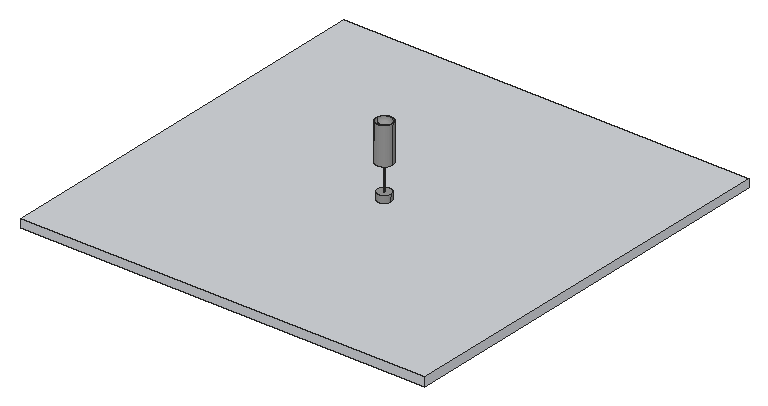
Revit family "LAMP_KOMBIC 100 SURFACE OPAL TW", category Luminarias, Revit 2018
Family settings
  Anfitrión = Cara
  Cota de conector redondo = Diámetro de uso
  Tipo de pieza = Normal
  Corte con vacíos al cargar = No
  Origen de luz = Sí
  Compartido = No
  Punto de cálculo de habitación = No
Parameters (values of type "1246LM TWK DALI W/B")
  Ángulo de inclinación = -90.00°
  Weight = 0.864 kg
  UGR = ""
  Type = "COB BRIDGELUX"
  Protection rating = "IP40"
  Product datasheet = "http://www.lamp.es/product-files/TECH/K11SF2040OP9TWDWB-EN.pdf"
  Product code = "K11SF2040OP9TWDWB"
  Product URL = "https://www.lamp.es/en/family/kombic-surface_474354"
  Power Supply = "220-240V 50/60Hz"
  Power = 16 W
  Plum = 20.7 W
  Modelo = Product code  # "K11SF2040OP9TWDWB"
  Model explanation = "Possibility of chossing between surface or suspended within the model"
  Material reflector = LAMP_PC Reflector Kombic Blanco
  Material floron = LAMP_Plástico genérico NG
  Material difusor = LAMP_PMMA Difusor Kombic
  Material cuerpo = LAMP_Plástico genérico NG
  Material cable suspension = LAMP_Acero genérico
  Manufacturer name = "LAMP"
  Manufacturer country = "Spain"
  Manufacturer URL = "http://www.lamp.es/en"
  MacAdam = "3"
  Luminaire type = "Suspended"
  Last update = "26/07/2021"
  Lamp = "COB LED"
  LED Lifetime = "70.000 L80 B10"
  Insulation class = "I"
  Installation instructions = "https://www.lamp.es/product-files/packed/by-family/474354_INS_all.zip"
  Initial color = "2700-5000"
  IEE = "A"
  Height suspension [instance] = 200 mm
  Height distance [instance] = if(Surface, 0.1 mm, if(Ceiling rose, if(Height suspension > 38 mm, if(Height suspension < 2000 mm, Height suspension, 2000 mm), 38 mm), 37 mm))  # 200 mm
  Wattage = 19.5 W
  built-in parameter 1150107 = 3000 (stored number, unit not read)
  Surface [instance] = no
  built-in parameter 1150110 = 1 (stored number, unit not read)
  built-in parameter 1150109 = 1 (stored number, unit not read)
  built-in parameter 1150112 = 1 (stored number, unit not read)
  built-in parameter 1150113 = 1 (stored number, unit not read)
  built-in parameter 1114218 = 1 (stored number, unit not read)
  built-in parameter 1150137 = (empty or 0)
  built-in parameter 1150132 = 2
  built-in parameter 1150105 = 1115 (stored number, unit not read)
  built-in parameter 1150102 = (empty or 0)
  built-in parameter 1150106 = 11.15 (stored number, unit not read)
  Height = 220 mm
  Gear = "Electronic"
  Lumens = 1246.05 lm
  Finish = "Matte black RAL 9011"
  Color Filter = 16777215
  built-in parameter 1114217 = 1 (stored number, unit not read)
  built-in parameter 1150139 = (empty or 0)
  Fabricante = Manufacturer name  # "LAMP"
  Default Elevation = 1219.2 mm
  built-in parameter 1150104 = 5.9365 (stored number, unit not read)
  Efficacy = 63.9 lm/W
  Diameter = 100 mm
  built-in parameter 1150115 = 1 (stored number, unit not read)
  built-in parameter 1150114 = 1 (stored number, unit not read)
  built-in parameter 1150138 = (empty or 0)
  built-in parameter 1150134 = (empty or 0)
  Ceiling rose [instance] = not(Surface)  # yes
  Dimming Lamp Color Temperature Shift = (empty or 0)
  CRI = "90"
  Archivo de red fotométrica = "K11SF2040OP9TWDWB.IES"
  built-in parameter 1150133 = 10 (stored number, unit not read)
Types (6, lengths in mm): name | Product datasheet | Product code | Plum | Modelo | Material reflector | Material floron | Material cuerpo | built-in parameter 1150105 | built-in parameter 1150106 | Lumens | Finish | built-in parameter 1150104 | Efficacy | Archivo de red fotométrica
  1246LM TWK DALI W/B | "http://www.lamp.es/product-files/TECH/K11SF2040OP9TWDWB-EN.pdf" | "K11SF2040OP9TWDWB" | 20.7 W | "K11SF2040OP9TWDWB" | LAMP_PC Reflector Kombic Blanco | LAMP_Plástico genérico NG | LAMP_Plástico genérico NG | 1115 (stored number, unit not read) | 11.15 (stored number, unit not read) | 1246.05 lm | "Matte black RAL 9011" | 5.9365 (stored number, unit not read) | 63.9 lm/W | "K11SF2040OP9TWDWB.IES"
  1246LM TWK DALI W/W | "http://www.lamp.es/product-files/TECH/K11SF2040OP9TWDWW-EN.pdf" | "K11SF2040OP9TWDWW" | 19.5 W | "K11SF2040OP9TWDWW" | LAMP_PC Reflector Kombic Blanco | LAMP_Plástico genérico BL | LAMP_Plástico genérico BL | 1115 (stored number, unit not read) | 11.15 (stored number, unit not read) | 1246.05 lm | "Matte Traffic white RAL 9016" | 5.9365 (stored number, unit not read) | 63.9 lm/W | "K11SF2040OP9TWDWW.IES"
  1263LM TWK DALI M/B | "http://www.lamp.es/product-files/TECH/K11SF2040OP9TWDMB-EN.pdf" | "K11SF2040OP9TWDMB" | 20.7 W | "K11SF2040OP9TWDMB" | LAMP_PC Reflector Kombic Metalizado Mate | LAMP_Plástico genérico NG | LAMP_Plástico genérico NG | 1130.7 (stored number, unit not read) | 11.307 (stored number, unit not read) | 1263.6 lm | "Matte black RAL 9011" | 6.0201 (stored number, unit not read) | 64.8 lm/W | "K11SF2040OP9TWDMB.IES"
  1263LM TWK DALI M/W | "http://www.lamp.es/product-files/TECH/K11SF2040OP9TWDMW-EN.pdf" | "K11SF2040OP9TWDMW" | 20.7 W | "K11SF2040OP9TWDMW" | LAMP_PC Reflector Kombic Metalizado Mate | LAMP_Plástico genérico BL | LAMP_Plástico genérico BL | 1130.7 (stored number, unit not read) | 11.307 (stored number, unit not read) | 1263.6 lm | "Matte Traffic white RAL 9016" | 6.0201 (stored number, unit not read) | 64.8 lm/W | "K11SF2040OP9TWDMW.IES"
  1349LM TWK DALI BR/B | "http://www.lamp.es/product-files/TECH/K11SF2040OP9TWDRB-EN.pdf" | "K11SF2040OP9TWDRB" | 19.5 W | "K11SF2040OP9TWDRB" | LAMP_PC Reflector Kombic Metalizado Brillante | LAMP_Plástico genérico NG | LAMP_Plástico genérico NG | 1207.5 (stored number, unit not read) | 12.075 (stored number, unit not read) | 1349.4 lm | "Matte black RAL 9011" | 6.4289 (stored number, unit not read) | 69.2 lm/W | "K11SF2040OP9TWDRB.IES"
  1349LM TWK DALI BR/W | "http://www.lamp.es/product-files/TECH/K11SF2040OP9TWDRW-EN.pdf" | "K11SF2040OP9TWDRW" | 20.7 W | "K11SF2040OP9TWDRW" | LAMP_PC Reflector Kombic Metalizado Brillante | LAMP_Plástico genérico BL | LAMP_Plástico genérico BL | 1207.5 (stored number, unit not read) | 12.075 (stored number, unit not read) | 1349.4 lm | "Matte Traffic white RAL 9016" | 6.4289 (stored number, unit not read) | 69.2 lm/W | "K11SF2040OP9TWDRW.IES"
Reference planes
  plane 1 "Centro (Frontal/Posterior)": y = 0
  plane 2: z = 0
  plane 3 "Centro (Izquierda/Derecha)": x = 0
Forms (mm)
  Extrusion 1, solid
    sketch origin (0, 0, 0) x (1, 0, 0) y (0, 1, 0)
      loop
        line (-1219.2, 1219.2) -> (-1219.2, -1219.2) -> (1219.2, -1219.2) -> (1219.2, 1219.2) -> (-1219.2, 1219.2)
    from 0 to -50
  Extrusion 2, solid, material "LAMP_Plástico genérico NG" <- "Material cuerpo"
    sketch origin (0, 0, 0) x (1, 0, 0) y (0, 1, 0)
      loop
        circle (0, 0) r 50
    from 200 to 420
  Extrusion 3, void
    sketch origin (0, 0, 0) x (1, 0, 0) y (0, 1, 0)
      loop
        circle (0, 0) r 48
    from 310.588 to 420
  Sweep 4, solid, material "LAMP_PC Reflector Kombic Blanco" <- "Material reflector"
    path origin (105.103, -251.845, 420) x (1, 0, 0) y (0, 1, 0)
      loop
        circle (-105.103, 251.959) r 48
    profile origin (0, 48.114, 420) x (0, -1, 0) y (0, 0, 1)
      loop
        arc (0, 0) -> (6.616, -20.646) -> (24, -33.6) r 35.52
        line (24, -33.6) -> (24, -32.6)
        arc (24, -32.6) -> (7.196, -20.217) -> (2, 0) r 31.112
        line (2, 0) -> (0, 0)
  Extrusion 5, solid, material "LAMP_PMMA Difusor Kombic" <- "Material difusor"
    sketch origin (0, 0, 0) x (1, 0, 0) y (0, 1, 0)
      loop
        circle (0, 0) r 24
    from 386.4 to 387.4
  Extrusion 6, solid, material "LAMP_Plástico genérico NG" <- "Material floron", visible <- "Ceiling rose"
    sketch origin (0, 0, 0) x (1, 0, 0) y (0, 1, 0)
      loop
        circle (0, 0) r 42
    from 0 to 37
  Extrusion 7, solid, material "LAMP_Acero genérico" <- "Material cable suspension", visible <- "Ceiling rose"
    sketch origin (0, 0, 0) x (1, 0, 0) y (0, 1, 0)
      loop
        circle (0, 0) r 1
    from 37 to 200
Cuts and joins
  Extrusion 3 cuts Extrusion 2
Text (mm)
  text "Any modification of the parameters and properties of the LAMP BIM models must be executed and validated by the LAMP technical department.\nPhone: +34 93 736 68 00\nE-mail: lamp@lamp.es\n\nLAMP reserves the right to modify the technical specifications of its products." at (1856.491, -4316.333, -2622.127), in view "Preview"
Dimensions and locks
  "Height distance": Extrusion 2 to Extrusion 1
  locked: Extrusion 2 to Extrusion 2 at 220
  locked: cut or joined group of Extrusion 2, Extrusion 3 to cut or joined group of Extrusion 2, Extrusion 3 at 109.412
  aligned and locked: plane 2 to Extrusion 1
  aligned and locked: level to Extrusion 1
  aligned and locked: Extrusion 2 to Extrusion 3
  aligned and locked: cut or joined group of Extrusion 2, Extrusion 3 to Sweep 4 sketch curve
  aligned and locked: Sweep 4 to Extrusion 5
  aligned and locked: Extrusion 5 to Sweep 4
  aligned and locked: Extrusion 7 to Extrusion 6
  aligned and locked: Extrusion 7 to cut or joined group of Extrusion 2, Extrusion 3
  aligned and locked: imposter light to cut or joined group of Extrusion 2, Extrusion 3
Automatic sketch dimensions
  Extrusion 1 sketch curve to Extrusion 1 sketch curve = 2438.4 mm  (x2)
  plane 1 "Centro (Frontal/Posterior)" to Extrusion 2 sketch curve = 0 mm
  Extrusion 2 sketch curve to plane 3 "Centro (Izquierda/Derecha)" = 0 mm
  plane 1 "Centro (Frontal/Posterior)" to Extrusion 3 sketch curve = 0 mm
  Extrusion 3 sketch curve to plane 3 "Centro (Izquierda/Derecha)" = 0 mm
  Sweep 4 sketch curve to Sweep 4 sketch curve = 2 mm
  Sweep 4 sketch curve to Sweep 4 sketch curve = 2.536 mm
  Sweep 4 sketch curve to Sweep 4 sketch curve = 2.814 mm
  Sweep 4 sketch curve to profile plane = 24 mm
  Sweep 4 sketch curve to Sweep 4 sketch curve = 8.984 mm
  Sweep 4 sketch curve to profile plane = 0 mm
  plane 1 "Centro (Frontal/Posterior)" to Extrusion 5 sketch curve = 0 mm
  Extrusion 5 sketch curve to plane 3 "Centro (Izquierda/Derecha)" = 0 mm
  plane 1 "Centro (Frontal/Posterior)" to Extrusion 6 sketch curve = 0 mm
  Extrusion 6 sketch curve to plane 3 "Centro (Izquierda/Derecha)" = 0 mm
  plane 1 "Centro (Frontal/Posterior)" to Extrusion 7 sketch curve = 0 mm
  Extrusion 7 sketch curve to plane 3 "Centro (Izquierda/Derecha)" = 0 mm
  radius of Extrusion 2 sketch curve = 50 mm
  radius of Extrusion 3 sketch curve = 48 mm
  radius of Sweep 4 sketch curve = 48 mm
  radius of Extrusion 5 sketch curve = 24 mm
  radius of Extrusion 6 sketch curve = 42 mm
  radius of Extrusion 7 sketch curve = 1 mm
Connectors
  electrical at (0, 0, 200)
    settings: on cut or joined group of Extrusion 2, Extrusion 3, index 1, voltage 230 V, apparent load 0 VA, apparent load phase1 0 VA, apparent load phase2 0 VA, apparent load phase3 0 VA, power factor 1, load classification "Otro", number of poles 1, system type 31, power factor state 1, is connector primary yes, connector utility no, sub classification motor no, connector description ""
